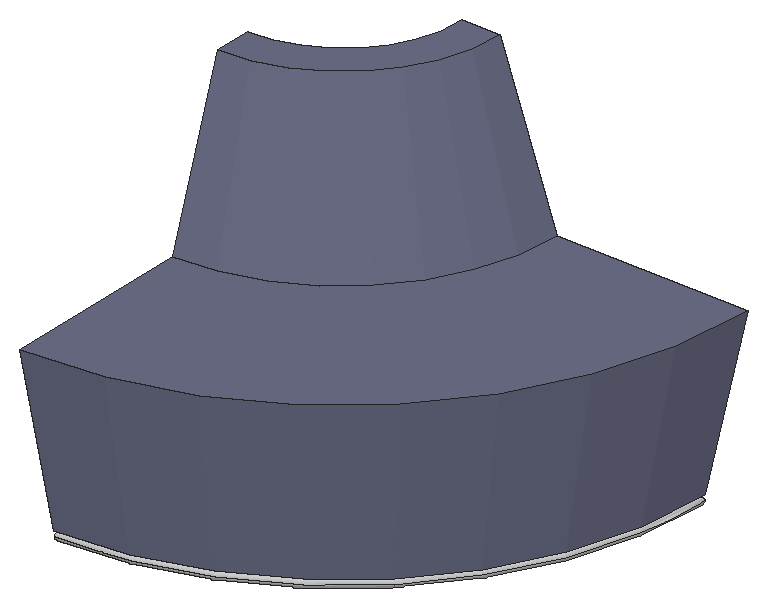
Revit family "FU_Inspec_Area_Radius_90_LB", category Furniture, Revit 2020
Family settings
  OmniClass Number = 23.40.20.00
  OmniClass Title = General Furniture and Specialties
  Work Plane-Based = No
  Always vertical = Yes
  Cut with Voids When Loaded = No
  Shared = No
  Room Calculation Point = No
Parameters (values of type "Fabric - Dark Blue")
  Width = 1210 mm
  Weight = "13.9"
  URL = "https://inspecfurniture.com/product-details/area-radius-90lb/"
  Seat Material = Fabric - Woven - Dark Blue
  Model = "area radius 90lb"
  Manufacturer = "Inspec"  # constant formula
  Legs Material = Metal - Chrome - Polished
  Keynote = "46.B"
  Height = 830 mm
  Description = "Modular sofa unit on powder coated or chromed Ø22 mm steel tubing sled base. Corner unit with upholstered seat and low back, and built-in magnetic linking device."
  Depth = 680 mm
  Default Elevation = 0 mm
  Content Author = "AEC AB"  # constant formula
  Assembly Code = "E2020"
Types (3, lengths in mm): name | Seat Material
  Fabric - Bright Orange | Fabric - Woven - Bright Orange
  Fabric - Dark Purple | Fabric - Woven - Dark Purple
  Fabric - Dark Blue | Fabric - Woven - Dark Blue
Reference planes
  plane 1: z = 0
  plane 2 "Ref_Seat": z = 450
  plane 3: y = -49.473
  plane 4: x = -34.353
  plane 5: y = -342.955
  plane 6: y = 621.137
  plane 7: x = 636.247
  plane 8: x = 929.747
Forms (mm)
  SweptBlend 1, solid, material "Fabric - Woven - Dark Blue" <- "Seat Material"
    path in 3D
      loop
        arc (-32.353, -342.957, 450) -> (647.95, -61.166, 450) -> (929.741, 619.137, 450) r 962.095
    profile origin (-32.353, -342.957, 450) x (0, 1, 0) y (0, 0, 1)
      loop
        line (103.981, -428) -> (478.369, -428) -> (679.826, 380) -> (589.829, 380) -> (455.659, 0) -> (2, 0) -> (103.981, -428)
    end profile origin (929.741, 619.137, 450) x (-1, 0, 0) y (0, 0, 1)
      loop
        line (103.981, -428) -> (478.369, -428) -> (679.826, 380) -> (589.829, 380) -> (455.659, 0) -> (2, 0) -> (103.981, -428)
  Sweep 2, solid, material "Metal - Chrome - Polished" <- "Legs Material"
    path in 3D
      loop
        arc (-20.675, 141.581, 0) -> (151.388, 434.097, 0) -> (443.142, 607.449, 0) r 681.901
        line (443.142, 607.449, 0) -> (816.865, 607.449, 0)
        arc (816.865, 607.449, 0) -> (567.623, 19.154, 0) -> (-20.675, -230.081, 0) r 851.328
        line (-20.675, -230.081, 0) -> (-20.675, 141.581, 0)
    profile origin (-20.675, -44.25, 0) x (-1, 0, 0) y (0, 0, 1)
      loop
        circle (0, 10) r 10
Lines and regions (mm)
  Masking region 1
    outline origin (308.647, 275.711, 450) x (-1, 0, 0) y (0, -1, 0)
      loop
        arc (343, 618.666) -> (-339.304, 336.877) -> (-621.093, -345.427) r 962.095
        line (-621.093, -345.427) -> (58.739, -345.427)
        arc (58.739, -345.427) -> (141.406, -143.833) -> (343, -61.166) r 282.268
        line (343, -61.166) -> (343, 618.666)
  sketch lines
    curve 1: arc (-32.353, -342.957, 450) -> (647.95, -61.166, 450) -> (929.741, 619.137, 450) r 962.095
    curve 2: line (-20.675, -230.081, 0) -> (-20.675, 141.581, 0)
    curve 3: arc (-20.675, 141.581, 0) -> (151.388, 434.097, 0) -> (443.142, 607.449, 0) r 681.901
    curve 4: line (816.865, 607.449, 0) -> (443.142, 607.449, 0)
    curve 5: arc (816.865, 607.449, 0) -> (567.623, 19.154, 0) -> (-20.675, -230.081, 0) r 851.328
  symbolic lines
    curve 6: arc (-34.353, 112.417, 450) -> (325.367, 261.417, 450) -> (474.368, 621.137, 450) r 508.721
    curve 7: arc (-34.353, 246.878, 450) -> (230.288, 356.496, 450) -> (339.907, 621.137, 450) r 374.26
  reference lines
    curve 8: arc (636.247, 621.137, 450) -> (439.833, 146.952, 450) -> (-34.353, -49.463, 450) r 670.6
    curve 9: line (636.247, -49.473, 450) -> (636.247, 621.137, 450)
    curve 10: line (636.247, -49.473, 450) -> (-34.353, -49.473, 450)
Dimensions and locks
  aligned and locked: level to plane 1
